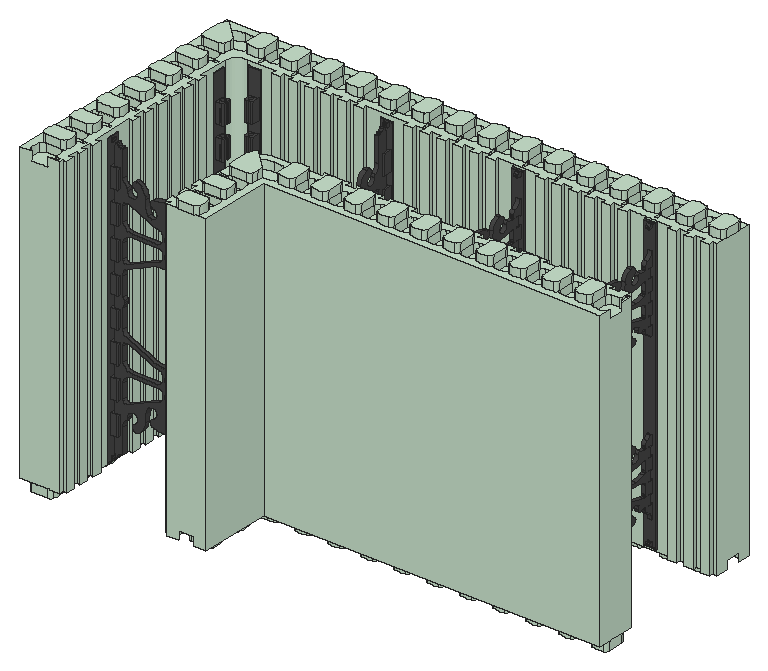
Revit family
Parameters (values of type "152 mm 90 Degree Form Unit")
  URL = "www.nudura.com"
  Overall Form Thickness = 285.8 mm
  Model = "152 mm 90 Degree Form Unit"
  Manufacturer = "NUDURA Corporation"
  Concrete Core Thickness = 152.4 mm
Reference planes
  plane 1 "Center (Front/Back)": y = 0
  plane 2: z = 0
  plane 3 "Center (Left/Right)": x = 0
Forms (mm)
  Extrusion 1, solid, material "EPS- NUDURA- Foam Panel"
    sketch origin (0.053, -0.032, 0) x (1, 0, 0) y (0, 1, 0)
      loop
        line (-142.875, 142.875) -> (-142.875, -254) -> (-82.55, -254) -> (-82.55, -246.858) -> (-76.2, -248.442) -> (-76.2, -234.158) -> (-82.55, -235.742) -> (-82.55, -221.458) -> (-76.2, -223.042) -> (-76.2, -208.758) -> (-82.55, -210.342) -> (-82.55, -196.058) -> (-76.2, -197.642) -> (-76.2, -183.358) -> (-82.55, -184.942) -> (-82.55, -119.858) -> (-76.2, -121.442) -> (-76.2, -107.158) -> (-82.55, -108.742) -> (-82.55, -94.458) -> (-76.2, -96.042) -> (-76.2, -81.758) -> (-82.55, -83.342) -> (-82.55, -69.058) -> (-76.2, -70.642) -> (-76.2, -56.358) -> (-82.55, -57.942) -> (-82.55, -43.658) -> (-76.2, -45.242) -> (-76.2, -30.958) -> (-82.55, -32.542) -> (-82.55, -18.258) -> (-76.2, -19.842) -> (-76.2, -5.558) -> (-82.55, -7.142) -> (-82.55, 7.142) -> (-76.2, 5.558) -> (-76.2, 19.842) -> (-82.55, 18.258) -> (-82.55, 63.994)
        arc (-82.55, 63.994) -> (-76.799, 77.146) -> (-63.5, 82.55) r 19.05
        line (-63.5, 82.55) -> (-18.258, 82.55) -> (-19.842, 76.2) -> (-5.558, 76.2) -> (-7.142, 82.55) -> (7.142, 82.55) -> (5.558, 76.2) -> (19.842, 76.2) -> (18.258, 82.55) -> (32.542, 82.55) -> (30.958, 76.2) -> (45.242, 76.2) -> (43.658, 82.55) -> (57.942, 82.55) -> (56.358, 76.2) -> (70.642, 76.2) -> (69.058, 82.55) -> (83.342, 82.55) -> (81.758, 76.2) -> (96.042, 76.2) -> (94.458, 82.55) -> (108.742, 82.55) -> (107.158, 76.2) -> (121.442, 76.2) -> (119.858, 82.55) -> (184.942, 82.55) -> (183.358, 76.2) -> (197.642, 76.2) -> (196.058, 82.55) -> (210.342, 82.55) -> (208.758, 76.2) -> (223.042, 76.2) -> (221.458, 82.55) -> (235.742, 82.55) -> (234.158, 76.2) -> (248.442, 76.2) -> (246.858, 82.55) -> (261.142, 82.55) -> (259.558, 76.2) -> (273.842, 76.2) -> (272.258, 82.55) -> (286.542, 82.55) -> (284.958, 76.2) -> (299.242, 76.2) -> (297.658, 82.55) -> (311.942, 82.55) -> (310.358, 76.2) -> (324.642, 76.2) -> (323.058, 82.55) -> (388.142, 82.55) -> (386.558, 76.2) -> (400.842, 76.2) -> (399.258, 82.55) -> (413.542, 82.55) -> (411.958, 76.2) -> (426.242, 76.2) -> (424.658, 82.55) -> (438.942, 82.55) -> (437.358, 76.2) -> (451.642, 76.2) -> (450.058, 82.55) -> (464.342, 82.55) -> (462.758, 76.2) -> (477.042, 76.2) -> (475.458, 82.55) -> (489.742, 82.55) -> (488.158, 76.2) -> (502.442, 76.2) -> (500.858, 82.55) -> (515.142, 82.55) -> (513.558, 76.2) -> (527.842, 76.2) -> (526.258, 82.55) -> (591.342, 82.55) -> (589.758, 76.2) -> (604.042, 76.2) -> (602.458, 82.55) -> (616.742, 82.55) -> (615.158, 76.2) -> (629.442, 76.2) -> (627.858, 82.55) -> (642.142, 82.55) -> (640.558, 76.2) -> (654.842, 76.2) -> (653.258, 82.55) -> (660.4, 82.55) -> (660.4, 142.875) -> (-142.875, 142.875)
      loop
        line (142.875, -142.875) -> (660.4, -142.875) -> (660.4, -82.55) -> (653.258, -82.55) -> (654.842, -76.2) -> (640.558, -76.2) -> (642.142, -82.55) -> (627.858, -82.55) -> (629.442, -76.2) -> (615.158, -76.2) -> (616.742, -82.55) -> (602.458, -82.55) -> (604.042, -76.2) -> (589.758, -76.2) -> (591.342, -82.55) -> (526.258, -82.55) -> (527.842, -76.2) -> (513.558, -76.2) -> (515.142, -82.55) -> (500.858, -82.55) -> (502.442, -76.2) -> (488.158, -76.2) -> (489.742, -82.55) -> (475.458, -82.55) -> (477.042, -76.2) -> (462.758, -76.2) -> (464.342, -82.55) -> (450.058, -82.55) -> (451.642, -76.2) -> (437.358, -76.2) -> (438.942, -82.55) -> (424.658, -82.55) -> (426.242, -76.2) -> (411.958, -76.2) -> (413.542, -82.55) -> (399.258, -82.55) -> (400.842, -76.2) -> (386.558, -76.2) -> (388.142, -82.55) -> (323.058, -82.55) -> (324.642, -76.2) -> (310.358, -76.2) -> (311.942, -82.55) -> (297.658, -82.55) -> (299.242, -76.2) -> (284.958, -76.2) -> (286.542, -82.55) -> (272.258, -82.55) -> (273.842, -76.2) -> (259.558, -76.2) -> (261.142, -82.55) -> (246.858, -82.55) -> (248.442, -76.2) -> (234.158, -76.2) -> (235.742, -82.55) -> (221.458, -82.55) -> (223.042, -76.2) -> (208.758, -76.2) -> (210.342, -82.55) -> (196.058, -82.55) -> (197.642, -76.2) -> (183.358, -76.2) -> (184.942, -82.55) -> (114.3, -82.55)
        arc (114.3, -82.55) -> (91.849, -91.849) -> (82.55, -114.3) r 31.75
        line (82.55, -114.3) -> (82.55, -184.942) -> (76.2, -183.358) -> (76.2, -197.642) -> (82.55, -196.058) -> (82.55, -210.342) -> (76.2, -208.758) -> (76.2, -223.042) -> (82.55, -221.458) -> (82.55, -235.742) -> (76.2, -234.158) -> (76.2, -248.442) -> (82.55, -246.858) -> (82.55, -254) -> (142.875, -254) -> (142.875, -142.875)
    from 0 to 457.2
  Extrusion 2, solid, material "EPS- NUDURA- Foam Panel"
    sketch origin (0.053, -0.032, 0) x (1, 0, 0) y (0, 1, 0)
      loop
        arc (93.663, -139.7) -> (93.992, -143.903) -> (94.972, -148.004) r 26.987
        arc (94.972, -148.004) -> (97.278, -151.185) -> (101.014, -152.4) r 6.35
        line (101.014, -152.4) -> (124.411, -152.4)
        arc (124.411, -152.4) -> (128.147, -151.185) -> (130.453, -148.004) r 6.35
        arc (130.453, -148.004) -> (131.433, -143.903) -> (131.763, -139.7) r 26.988
        line (131.763, -139.7) -> (131.763, -131.763) -> (101.102, -101.102)
        arc (101.102, -101.102) -> (95.596, -109.342) -> (93.663, -119.063) r 25.4
        line (93.663, -119.063) -> (93.663, -139.7)
    from 457.2 to 469.9
  Extrusion 3, solid, material "EPS- NUDURA- Foam Panel"
    sketch origin (0.053, -0.032, 0) x (1, 0, 0) y (0, 1, 0)
      loop
        arc (-101.014, 76.2) -> (-97.278, 77.415) -> (-94.972, 80.596) r 6.35
        arc (-94.972, 80.596) -> (-93.992, 84.697) -> (-93.662, 88.9) r 26.987
        line (-93.662, 88.9) -> (-93.662, 93.662) -> (-124.323, 124.323)
        arc (-124.323, 124.323) -> (-129.829, 116.083) -> (-131.762, 106.362) r 25.4
        line (-131.762, 106.362) -> (-131.762, 88.9)
        arc (-131.762, 88.9) -> (-131.433, 84.697) -> (-130.453, 80.596) r 26.988
        arc (-130.453, 80.596) -> (-128.147, 77.415) -> (-124.411, 76.2) r 6.35
        line (-124.411, 76.2) -> (-101.014, 76.2)
    from 457.2 to 469.9
  Extrusion 4, void
    sketch origin (0.053, -0.032, 0) x (1, 0, 0) y (0, 1, 0)
      loop
        arc (-130.453, -249.604) -> (-128.147, -252.785) -> (-124.411, -254) r 6.35
        line (-124.411, -254) -> (-101.014, -254)
        arc (-101.014, -254) -> (-98.696, -253.562) -> (-96.698, -252.308) r 6.35
        arc (-96.698, -252.308) -> (-96.199, -251.995) -> (-95.62, -251.885) r 1.588
        line (-95.62, -251.885) -> (-86.829, -251.885) -> (-86.829, -247.546) -> (-92.457, -247.546)
        arc (-92.457, -247.546) -> (-93.668, -246.986) -> (-94.024, -245.7) r 1.588
        arc (-94.024, -245.7) -> (-93.737, -239.291) -> (-94.972, -232.996) r 26.987
        arc (-94.972, -232.996) -> (-97.278, -229.815) -> (-101.014, -228.6) r 6.35
        line (-101.014, -228.6) -> (-124.411, -228.6)
        arc (-124.411, -228.6) -> (-128.147, -229.815) -> (-130.453, -232.996) r 6.35
        arc (-130.453, -232.996) -> (-131.762, -241.3) -> (-130.453, -249.604) r 26.987
    from 457.2 to 444.5
  Extrusion 5, void
    sketch origin (0.053, 50.768, 0) x (1, 0, 0) y (0, 1, 0)
      loop
        arc (-130.453, -249.604) -> (-128.147, -252.785) -> (-124.411, -254) r 6.35
        line (-124.411, -254) -> (-101.014, -254)
        arc (-101.014, -254) -> (-98.696, -253.562) -> (-96.698, -252.308) r 6.35
        arc (-96.698, -252.308) -> (-96.199, -251.995) -> (-95.62, -251.885) r 1.588
        line (-95.62, -251.885) -> (-86.829, -251.885) -> (-86.829, -247.546) -> (-92.457, -247.546)
        arc (-92.457, -247.546) -> (-93.668, -246.986) -> (-94.024, -245.7) r 1.588
        arc (-94.024, -245.7) -> (-93.737, -239.291) -> (-94.972, -232.996) r 26.987
        arc (-94.972, -232.996) -> (-97.278, -229.815) -> (-101.014, -228.6) r 6.35
        line (-101.014, -228.6) -> (-124.411, -228.6)
        arc (-124.411, -228.6) -> (-128.147, -229.815) -> (-130.453, -232.996) r 6.35
        arc (-130.453, -232.996) -> (-131.762, -241.3) -> (-130.453, -249.604) r 26.987
    from 457.2 to 444.5
  Extrusion 6, void
    sketch origin (0.053, 101.568, 0) x (1, 0, 0) y (0, 1, 0)
      loop
        arc (-130.453, -249.604) -> (-128.147, -252.785) -> (-124.411, -254) r 6.35
        line (-124.411, -254) -> (-101.014, -254)
        arc (-101.014, -254) -> (-98.696, -253.562) -> (-96.698, -252.308) r 6.35
        arc (-96.698, -252.308) -> (-96.199, -251.995) -> (-95.62, -251.885) r 1.588
        line (-95.62, -251.885) -> (-86.829, -251.885) -> (-86.829, -247.546) -> (-92.457, -247.546)
        arc (-92.457, -247.546) -> (-93.668, -246.986) -> (-94.024, -245.7) r 1.588
        arc (-94.024, -245.7) -> (-93.737, -239.291) -> (-94.972, -232.996) r 26.987
        arc (-94.972, -232.996) -> (-97.278, -229.815) -> (-101.014, -228.6) r 6.35
        line (-101.014, -228.6) -> (-124.411, -228.6)
        arc (-124.411, -228.6) -> (-128.147, -229.815) -> (-130.453, -232.996) r 6.35
        arc (-130.453, -232.996) -> (-131.762, -241.3) -> (-130.453, -249.604) r 26.987
    from 457.2 to 444.5
  Extrusion 7, void
    sketch origin (0.053, 152.368, 0) x (1, 0, 0) y (0, 1, 0)
      loop
        arc (-130.453, -249.604) -> (-128.147, -252.785) -> (-124.411, -254) r 6.35
        line (-124.411, -254) -> (-101.014, -254)
        arc (-101.014, -254) -> (-98.696, -253.562) -> (-96.698, -252.308) r 6.35
        arc (-96.698, -252.308) -> (-96.199, -251.995) -> (-95.62, -251.885) r 1.588
        line (-95.62, -251.885) -> (-86.829, -251.885) -> (-86.829, -247.546) -> (-92.457, -247.546)
        arc (-92.457, -247.546) -> (-93.668, -246.986) -> (-94.024, -245.7) r 1.588
        arc (-94.024, -245.7) -> (-93.737, -239.291) -> (-94.972, -232.996) r 26.987
        arc (-94.972, -232.996) -> (-97.278, -229.815) -> (-101.014, -228.6) r 6.35
        line (-101.014, -228.6) -> (-124.411, -228.6)
        arc (-124.411, -228.6) -> (-128.147, -229.815) -> (-130.453, -232.996) r 6.35
        arc (-130.453, -232.996) -> (-131.762, -241.3) -> (-130.453, -249.604) r 26.987
    from 457.2 to 444.5
  Extrusion 8, void
    sketch origin (0.053, 203.168, 0) x (1, 0, 0) y (0, 1, 0)
      loop
        arc (-130.453, -249.604) -> (-128.147, -252.785) -> (-124.411, -254) r 6.35
        line (-124.411, -254) -> (-101.014, -254)
        arc (-101.014, -254) -> (-98.696, -253.562) -> (-96.698, -252.308) r 6.35
        arc (-96.698, -252.308) -> (-96.199, -251.995) -> (-95.62, -251.885) r 1.588
        line (-95.62, -251.885) -> (-86.829, -251.885) -> (-86.829, -247.546) -> (-92.457, -247.546)
        arc (-92.457, -247.546) -> (-93.668, -246.986) -> (-94.024, -245.7) r 1.588
        arc (-94.024, -245.7) -> (-93.737, -239.291) -> (-94.972, -232.996) r 26.987
        arc (-94.972, -232.996) -> (-97.278, -229.815) -> (-101.014, -228.6) r 6.35
        line (-101.014, -228.6) -> (-124.411, -228.6)
        arc (-124.411, -228.6) -> (-128.147, -229.815) -> (-130.453, -232.996) r 6.35
        arc (-130.453, -232.996) -> (-131.762, -241.3) -> (-130.453, -249.604) r 26.987
    from 457.2 to 444.5
  Extrusion 9, void
    sketch origin (0.053, 253.968, 0) x (1, 0, 0) y (0, 1, 0)
      loop
        arc (-130.453, -249.604) -> (-128.147, -252.785) -> (-124.411, -254) r 6.35
        line (-124.411, -254) -> (-101.014, -254)
        arc (-101.014, -254) -> (-98.696, -253.562) -> (-96.698, -252.308) r 6.35
        arc (-96.698, -252.308) -> (-96.199, -251.995) -> (-95.62, -251.885) r 1.588
        line (-95.62, -251.885) -> (-86.829, -251.885) -> (-86.829, -247.546) -> (-92.457, -247.546)
        arc (-92.457, -247.546) -> (-93.668, -246.986) -> (-94.024, -245.7) r 1.588
        arc (-94.024, -245.7) -> (-93.737, -239.291) -> (-94.972, -232.996) r 26.987
        arc (-94.972, -232.996) -> (-97.278, -229.815) -> (-101.014, -228.6) r 6.35
        line (-101.014, -228.6) -> (-124.411, -228.6)
        arc (-124.411, -228.6) -> (-128.147, -229.815) -> (-130.453, -232.996) r 6.35
        arc (-130.453, -232.996) -> (-131.762, -241.3) -> (-130.453, -249.604) r 26.987
    from 457.2 to 444.5
  Extrusion 10, void
    sketch origin (0.053, 304.768, 0) x (1, 0, 0) y (0, 1, 0)
      loop
        arc (-130.453, -249.604) -> (-128.147, -252.785) -> (-124.411, -254) r 6.35
        line (-124.411, -254) -> (-101.014, -254)
        arc (-101.014, -254) -> (-98.696, -253.562) -> (-96.698, -252.308) r 6.35
        arc (-96.698, -252.308) -> (-96.199, -251.995) -> (-95.62, -251.885) r 1.588
        line (-95.62, -251.885) -> (-86.829, -251.885) -> (-86.829, -247.546) -> (-92.457, -247.546)
        arc (-92.457, -247.546) -> (-93.668, -246.986) -> (-94.024, -245.7) r 1.588
        arc (-94.024, -245.7) -> (-93.737, -239.291) -> (-94.972, -232.996) r 26.987
        arc (-94.972, -232.996) -> (-97.278, -229.815) -> (-101.014, -228.6) r 6.35
        line (-101.014, -228.6) -> (-124.411, -228.6)
        arc (-124.411, -228.6) -> (-128.147, -229.815) -> (-130.453, -232.996) r 6.35
        arc (-130.453, -232.996) -> (-131.762, -241.3) -> (-130.453, -249.604) r 26.987
    from 457.2 to 444.5
  Extrusion 11, void
    sketch origin (0.053, -0.032, 0) x (1, 0, 0) y (0, 1, 0)
      loop
        line (101.014, -228.6) -> (124.411, -228.6)
        arc (124.411, -228.6) -> (128.147, -227.385) -> (130.453, -224.204) r 6.35
        arc (130.453, -224.204) -> (131.763, -215.9) -> (130.453, -207.596) r 26.988
        arc (130.453, -207.596) -> (128.147, -204.415) -> (124.411, -203.2) r 6.35
        line (124.411, -203.2) -> (101.014, -203.2)
        arc (101.014, -203.2) -> (98.696, -203.638) -> (96.698, -204.892) r 6.35
        arc (96.698, -204.892) -> (96.199, -205.205) -> (95.62, -205.315) r 1.587
        line (95.62, -205.315) -> (86.829, -205.315) -> (86.829, -209.654) -> (92.457, -209.654)
        arc (92.457, -209.654) -> (93.668, -210.214) -> (94.024, -211.5) r 1.587
        arc (94.024, -211.5) -> (93.737, -217.909) -> (94.972, -224.204) r 26.987
        arc (94.972, -224.204) -> (97.278, -227.385) -> (101.014, -228.6) r 6.35
    from 457.2 to 444.5
  Extrusion 12, void
    sketch origin (0.053, 50.768, 0) x (1, 0, 0) y (0, 1, 0)
      loop
        line (101.014, -228.6) -> (124.411, -228.6)
        arc (124.411, -228.6) -> (128.147, -227.385) -> (130.453, -224.204) r 6.35
        arc (130.453, -224.204) -> (131.763, -215.9) -> (130.453, -207.596) r 26.988
        arc (130.453, -207.596) -> (128.147, -204.415) -> (124.411, -203.2) r 6.35
        line (124.411, -203.2) -> (101.014, -203.2)
        arc (101.014, -203.2) -> (98.696, -203.638) -> (96.698, -204.892) r 6.35
        arc (96.698, -204.892) -> (96.199, -205.205) -> (95.62, -205.315) r 1.587
        line (95.62, -205.315) -> (86.829, -205.315) -> (86.829, -209.654) -> (92.457, -209.654)
        arc (92.457, -209.654) -> (93.668, -210.214) -> (94.024, -211.5) r 1.587
        arc (94.024, -211.5) -> (93.737, -217.909) -> (94.972, -224.204) r 26.987
        arc (94.972, -224.204) -> (97.278, -227.385) -> (101.014, -228.6) r 6.35
    from 457.2 to 444.5
  Extrusion 13, void
    sketch origin (0.053, -0.032, 0) x (1, 0, 0) y (0, 1, 0)
      loop
        arc (-106.362, 131.762) -> (-116.083, 129.829) -> (-124.323, 124.323) r 25.4
        line (-124.323, 124.323) -> (-93.662, 93.662) -> (-88.9, 93.662)
        arc (-88.9, 93.662) -> (-84.697, 93.992) -> (-80.596, 94.972) r 26.988
        arc (-80.596, 94.972) -> (-77.415, 97.278) -> (-76.2, 101.014) r 6.35
        line (-76.2, 101.014) -> (-76.2, 124.411)
        arc (-76.2, 124.411) -> (-77.415, 128.147) -> (-80.596, 130.453) r 6.35
        arc (-80.596, 130.453) -> (-84.697, 131.433) -> (-88.9, 131.762) r 26.988
        line (-88.9, 131.762) -> (-106.362, 131.762)
    from 457.2 to 444.5
  Extrusion 14, void
    sketch origin (0.053, -0.032, 0) x (1, 0, 0) y (0, 1, 0)
      loop
        arc (119.063, -93.663) -> (109.342, -95.596) -> (101.102, -101.102) r 25.4
        line (101.102, -101.102) -> (131.763, -131.763) -> (139.7, -131.763)
        arc (139.7, -131.763) -> (143.903, -131.433) -> (148.004, -130.453) r 26.987
        arc (148.004, -130.453) -> (151.185, -128.147) -> (152.4, -124.411) r 6.35
        line (152.4, -124.411) -> (152.4, -101.014)
        arc (152.4, -101.014) -> (151.962, -98.696) -> (150.708, -96.698) r 6.35
        arc (150.708, -96.698) -> (150.395, -96.199) -> (150.285, -95.62) r 1.588
        line (150.285, -95.62) -> (150.285, -86.829) -> (145.946, -86.829) -> (145.946, -92.457)
        arc (145.946, -92.457) -> (145.386, -93.668) -> (144.1, -94.024) r 1.587
        arc (144.1, -94.024) -> (141.907, -93.753) -> (139.7, -93.663) r 26.987
        line (139.7, -93.663) -> (119.063, -93.663)
    from 457.2 to 444.5
  Extrusion 15, void
    sketch origin (0.053, -0.032, 0) x (1, 0, 0) y (0, 1, 0)
      loop
        line (177.8, -101.014) -> (177.8, -124.411)
        arc (177.8, -124.411) -> (179.015, -128.147) -> (182.196, -130.453) r 6.35
        arc (182.196, -130.453) -> (190.5, -131.763) -> (198.804, -130.453) r 26.987
        arc (198.804, -130.453) -> (201.985, -128.147) -> (203.2, -124.411) r 6.35
        line (203.2, -124.411) -> (203.2, -101.014)
        arc (203.2, -101.014) -> (202.762, -98.696) -> (201.508, -96.698) r 6.35
        arc (201.508, -96.698) -> (201.195, -96.199) -> (201.085, -95.62) r 1.588
        line (201.085, -95.62) -> (201.085, -86.829) -> (196.746, -86.829) -> (196.746, -92.457)
        arc (196.746, -92.457) -> (196.186, -93.668) -> (194.9, -94.024) r 1.587
        arc (194.9, -94.024) -> (188.491, -93.737) -> (182.196, -94.972) r 26.988
        arc (182.196, -94.972) -> (179.015, -97.278) -> (177.8, -101.014) r 6.35
    from 457.2 to 444.5
  Extrusion 16, void
    sketch origin (50.853, -0.032, 0) x (1, 0, 0) y (0, 1, 0)
      loop
        line (177.8, -101.014) -> (177.8, -124.411)
        arc (177.8, -124.411) -> (179.015, -128.147) -> (182.196, -130.453) r 6.35
        arc (182.196, -130.453) -> (190.5, -131.763) -> (198.804, -130.453) r 26.987
        arc (198.804, -130.453) -> (201.985, -128.147) -> (203.2, -124.411) r 6.35
        line (203.2, -124.411) -> (203.2, -101.014)
        arc (203.2, -101.014) -> (202.762, -98.696) -> (201.508, -96.698) r 6.35
        arc (201.508, -96.698) -> (201.195, -96.199) -> (201.085, -95.62) r 1.588
        line (201.085, -95.62) -> (201.085, -86.829) -> (196.746, -86.829) -> (196.746, -92.457)
        arc (196.746, -92.457) -> (196.186, -93.668) -> (194.9, -94.024) r 1.587
        arc (194.9, -94.024) -> (188.491, -93.737) -> (182.196, -94.972) r 26.988
        arc (182.196, -94.972) -> (179.015, -97.278) -> (177.8, -101.014) r 6.35
    from 457.2 to 444.5
  Extrusion 17, void
    sketch origin (101.653, -0.032, 0) x (1, 0, 0) y (0, 1, 0)
      loop
        line (177.8, -101.014) -> (177.8, -124.411)
        arc (177.8, -124.411) -> (179.015, -128.147) -> (182.196, -130.453) r 6.35
        arc (182.196, -130.453) -> (190.5, -131.763) -> (198.804, -130.453) r 26.987
        arc (198.804, -130.453) -> (201.985, -128.147) -> (203.2, -124.411) r 6.35
        line (203.2, -124.411) -> (203.2, -101.014)
        arc (203.2, -101.014) -> (202.762, -98.696) -> (201.508, -96.698) r 6.35
        arc (201.508, -96.698) -> (201.195, -96.199) -> (201.085, -95.62) r 1.588
        line (201.085, -95.62) -> (201.085, -86.829) -> (196.746, -86.829) -> (196.746, -92.457)
        arc (196.746, -92.457) -> (196.186, -93.668) -> (194.9, -94.024) r 1.587
        arc (194.9, -94.024) -> (188.491, -93.737) -> (182.196, -94.972) r 26.988
        arc (182.196, -94.972) -> (179.015, -97.278) -> (177.8, -101.014) r 6.35
    from 457.2 to 444.5
  Extrusion 18, void
    sketch origin (152.453, -0.032, 0) x (1, 0, 0) y (0, 1, 0)
      loop
        line (177.8, -101.014) -> (177.8, -124.411)
        arc (177.8, -124.411) -> (179.015, -128.147) -> (182.196, -130.453) r 6.35
        arc (182.196, -130.453) -> (190.5, -131.763) -> (198.804, -130.453) r 26.987
        arc (198.804, -130.453) -> (201.985, -128.147) -> (203.2, -124.411) r 6.35
        line (203.2, -124.411) -> (203.2, -101.014)
        arc (203.2, -101.014) -> (202.762, -98.696) -> (201.508, -96.698) r 6.35
        arc (201.508, -96.698) -> (201.195, -96.199) -> (201.085, -95.62) r 1.588
        line (201.085, -95.62) -> (201.085, -86.829) -> (196.746, -86.829) -> (196.746, -92.457)
        arc (196.746, -92.457) -> (196.186, -93.668) -> (194.9, -94.024) r 1.587
        arc (194.9, -94.024) -> (188.491, -93.737) -> (182.196, -94.972) r 26.988
        arc (182.196, -94.972) -> (179.015, -97.278) -> (177.8, -101.014) r 6.35
    from 457.2 to 444.5
  Extrusion 19, void
    sketch origin (203.253, -0.032, 0) x (1, 0, 0) y (0, 1, 0)
      loop
        line (177.8, -101.014) -> (177.8, -124.411)
        arc (177.8, -124.411) -> (179.015, -128.147) -> (182.196, -130.453) r 6.35
        arc (182.196, -130.453) -> (190.5, -131.763) -> (198.804, -130.453) r 26.987
        arc (198.804, -130.453) -> (201.985, -128.147) -> (203.2, -124.411) r 6.35
        line (203.2, -124.411) -> (203.2, -101.014)
        arc (203.2, -101.014) -> (202.762, -98.696) -> (201.508, -96.698) r 6.35
        arc (201.508, -96.698) -> (201.195, -96.199) -> (201.085, -95.62) r 1.588
        line (201.085, -95.62) -> (201.085, -86.829) -> (196.746, -86.829) -> (196.746, -92.457)
        arc (196.746, -92.457) -> (196.186, -93.668) -> (194.9, -94.024) r 1.587
        arc (194.9, -94.024) -> (188.491, -93.737) -> (182.196, -94.972) r 26.988
        arc (182.196, -94.972) -> (179.015, -97.278) -> (177.8, -101.014) r 6.35
    from 457.2 to 444.5
  Extrusion 20, void
    sketch origin (254.053, -0.032, 0) x (1, 0, 0) y (0, 1, 0)
      loop
        line (177.8, -101.014) -> (177.8, -124.411)
        arc (177.8, -124.411) -> (179.015, -128.147) -> (182.196, -130.453) r 6.35
        arc (182.196, -130.453) -> (190.5, -131.763) -> (198.804, -130.453) r 26.987
        arc (198.804, -130.453) -> (201.985, -128.147) -> (203.2, -124.411) r 6.35
        line (203.2, -124.411) -> (203.2, -101.014)
        arc (203.2, -101.014) -> (202.762, -98.696) -> (201.508, -96.698) r 6.35
        arc (201.508, -96.698) -> (201.195, -96.199) -> (201.085, -95.62) r 1.588
        line (201.085, -95.62) -> (201.085, -86.829) -> (196.746, -86.829) -> (196.746, -92.457)
        arc (196.746, -92.457) -> (196.186, -93.668) -> (194.9, -94.024) r 1.587
        arc (194.9, -94.024) -> (188.491, -93.737) -> (182.196, -94.972) r 26.988
        arc (182.196, -94.972) -> (179.015, -97.278) -> (177.8, -101.014) r 6.35
    from 457.2 to 444.5
  Extrusion 21, void
    sketch origin (304.853, -0.032, 0) x (1, 0, 0) y (0, 1, 0)
      loop
        line (177.8, -101.014) -> (177.8, -124.411)
        arc (177.8, -124.411) -> (179.015, -128.147) -> (182.196, -130.453) r 6.35
        arc (182.196, -130.453) -> (190.5, -131.763) -> (198.804, -130.453) r 26.987
        arc (198.804, -130.453) -> (201.985, -128.147) -> (203.2, -124.411) r 6.35
        line (203.2, -124.411) -> (203.2, -101.014)
        arc (203.2, -101.014) -> (202.762, -98.696) -> (201.508, -96.698) r 6.35
        arc (201.508, -96.698) -> (201.195, -96.199) -> (201.085, -95.62) r 1.588
        line (201.085, -95.62) -> (201.085, -86.829) -> (196.746, -86.829) -> (196.746, -92.457)
        arc (196.746, -92.457) -> (196.186, -93.668) -> (194.9, -94.024) r 1.587
        arc (194.9, -94.024) -> (188.491, -93.737) -> (182.196, -94.972) r 26.988
        arc (182.196, -94.972) -> (179.015, -97.278) -> (177.8, -101.014) r 6.35
    from 457.2 to 444.5
  Extrusion 22, void
    sketch origin (355.653, -0.032, 0) x (1, 0, 0) y (0, 1, 0)
      loop
        line (177.8, -101.014) -> (177.8, -124.411)
        arc (177.8, -124.411) -> (179.015, -128.147) -> (182.196, -130.453) r 6.35
        arc (182.196, -130.453) -> (190.5, -131.763) -> (198.804, -130.453) r 26.987
        arc (198.804, -130.453) -> (201.985, -128.147) -> (203.2, -124.411) r 6.35
        line (203.2, -124.411) -> (203.2, -101.014)
        arc (203.2, -101.014) -> (202.762, -98.696) -> (201.508, -96.698) r 6.35
        arc (201.508, -96.698) -> (201.195, -96.199) -> (201.085, -95.62) r 1.588
        line (201.085, -95.62) -> (201.085, -86.829) -> (196.746, -86.829) -> (196.746, -92.457)
        arc (196.746, -92.457) -> (196.186, -93.668) -> (194.9, -94.024) r 1.587
        arc (194.9, -94.024) -> (188.491, -93.737) -> (182.196, -94.972) r 26.988
        arc (182.196, -94.972) -> (179.015, -97.278) -> (177.8, -101.014) r 6.35
    from 457.2 to 444.5
  Extrusion 23, void
    sketch origin (406.453, -0.032, 0) x (1, 0, 0) y (0, 1, 0)
      loop
        line (177.8, -101.014) -> (177.8, -124.411)
        arc (177.8, -124.411) -> (179.015, -128.147) -> (182.196, -130.453) r 6.35
        arc (182.196, -130.453) -> (190.5, -131.763) -> (198.804, -130.453) r 26.987
        arc (198.804, -130.453) -> (201.985, -128.147) -> (203.2, -124.411) r 6.35
        line (203.2, -124.411) -> (203.2, -101.014)
        arc (203.2, -101.014) -> (202.762, -98.696) -> (201.508, -96.698) r 6.35
        arc (201.508, -96.698) -> (201.195, -96.199) -> (201.085, -95.62) r 1.588
        line (201.085, -95.62) -> (201.085, -86.829) -> (196.746, -86.829) -> (196.746, -92.457)
        arc (196.746, -92.457) -> (196.186, -93.668) -> (194.9, -94.024) r 1.587
        arc (194.9, -94.024) -> (188.491, -93.737) -> (182.196, -94.972) r 26.988
        arc (182.196, -94.972) -> (179.015, -97.278) -> (177.8, -101.014) r 6.35
    from 457.2 to 444.5
  Extrusion 24, void
    sketch origin (457.253, -0.032, 0) x (1, 0, 0) y (0, 1, 0)
      loop
        line (177.8, -101.014) -> (177.8, -124.411)
        arc (177.8, -124.411) -> (179.015, -128.147) -> (182.196, -130.453) r 6.35
        arc (182.196, -130.453) -> (190.5, -131.763) -> (198.804, -130.453) r 26.987
        arc (198.804, -130.453) -> (201.985, -128.147) -> (203.2, -124.411) r 6.35
        line (203.2, -124.411) -> (203.2, -101.014)
        arc (203.2, -101.014) -> (202.762, -98.696) -> (201.508, -96.698) r 6.35
        arc (201.508, -96.698) -> (201.195, -96.199) -> (201.085, -95.62) r 1.588
        line (201.085, -95.62) -> (201.085, -86.829) -> (196.746, -86.829) -> (196.746, -92.457)
        arc (196.746, -92.457) -> (196.186, -93.668) -> (194.9, -94.024) r 1.587
        arc (194.9, -94.024) -> (188.491, -93.737) -> (182.196, -94.972) r 26.988
        arc (182.196, -94.972) -> (179.015, -97.278) -> (177.8, -101.014) r 6.35
    from 457.2 to 444.5
  Extrusion 25, void
    sketch origin (0.053, -0.032, 0) x (1, 0, 0) y (0, 1, 0)
      loop
        arc (-46.404, 130.453) -> (-49.585, 128.147) -> (-50.8, 124.411) r 6.35
        line (-50.8, 124.411) -> (-50.8, 101.014)
        arc (-50.8, 101.014) -> (-50.362, 98.696) -> (-49.108, 96.698) r 6.35
        arc (-49.108, 96.698) -> (-48.795, 96.199) -> (-48.685, 95.62) r 1.588
        line (-48.685, 95.62) -> (-48.685, 86.829) -> (-44.346, 86.829) -> (-44.346, 92.457)
        arc (-44.346, 92.457) -> (-43.786, 93.668) -> (-42.5, 94.024) r 1.588
        arc (-42.5, 94.024) -> (-36.091, 93.737) -> (-29.796, 94.972) r 26.987
        arc (-29.796, 94.972) -> (-26.615, 97.278) -> (-25.4, 101.014) r 6.35
        line (-25.4, 101.014) -> (-25.4, 124.411)
        arc (-25.4, 124.411) -> (-26.615, 128.147) -> (-29.796, 130.453) r 6.35
        arc (-29.796, 130.453) -> (-38.1, 131.762) -> (-46.404, 130.453) r 26.987
    from 457.2 to 444.5
  Extrusion 26, void
    sketch origin (50.853, -0.032, 0) x (1, 0, 0) y (0, 1, 0)
      loop
        arc (-46.404, 130.453) -> (-49.585, 128.147) -> (-50.8, 124.411) r 6.35
        line (-50.8, 124.411) -> (-50.8, 101.014)
        arc (-50.8, 101.014) -> (-50.362, 98.696) -> (-49.108, 96.698) r 6.35
        arc (-49.108, 96.698) -> (-48.795, 96.199) -> (-48.685, 95.62) r 1.588
        line (-48.685, 95.62) -> (-48.685, 86.829) -> (-44.346, 86.829) -> (-44.346, 92.457)
        arc (-44.346, 92.457) -> (-43.786, 93.668) -> (-42.5, 94.024) r 1.588
        arc (-42.5, 94.024) -> (-36.091, 93.737) -> (-29.796, 94.972) r 26.987
        arc (-29.796, 94.972) -> (-26.615, 97.278) -> (-25.4, 101.014) r 6.35
        line (-25.4, 101.014) -> (-25.4, 124.411)
        arc (-25.4, 124.411) -> (-26.615, 128.147) -> (-29.796, 130.453) r 6.35
        arc (-29.796, 130.453) -> (-38.1, 131.762) -> (-46.404, 130.453) r 26.987
    from 457.2 to 444.5
  Extrusion 27, void
    sketch origin (101.653, -0.032, 0) x (1, 0, 0) y (0, 1, 0)
      loop
        arc (-46.404, 130.453) -> (-49.585, 128.147) -> (-50.8, 124.411) r 6.35
        line (-50.8, 124.411) -> (-50.8, 101.014)
        arc (-50.8, 101.014) -> (-50.362, 98.696) -> (-49.108, 96.698) r 6.35
        arc (-49.108, 96.698) -> (-48.795, 96.199) -> (-48.685, 95.62) r 1.588
        line (-48.685, 95.62) -> (-48.685, 86.829) -> (-44.346, 86.829) -> (-44.346, 92.457)
        arc (-44.346, 92.457) -> (-43.786, 93.668) -> (-42.5, 94.024) r 1.588
        arc (-42.5, 94.024) -> (-36.091, 93.737) -> (-29.796, 94.972) r 26.987
        arc (-29.796, 94.972) -> (-26.615, 97.278) -> (-25.4, 101.014) r 6.35
        line (-25.4, 101.014) -> (-25.4, 124.411)
        arc (-25.4, 124.411) -> (-26.615, 128.147) -> (-29.796, 130.453) r 6.35
        arc (-29.796, 130.453) -> (-38.1, 131.762) -> (-46.404, 130.453) r 26.987
    from 457.2 to 444.5
  Extrusion 28, void
    sketch origin (152.453, -0.032, 0) x (1, 0, 0) y (0, 1, 0)
      loop
        arc (-46.404, 130.453) -> (-49.585, 128.147) -> (-50.8, 124.411) r 6.35
        line (-50.8, 124.411) -> (-50.8, 101.014)
        arc (-50.8, 101.014) -> (-50.362, 98.696) -> (-49.108, 96.698) r 6.35
        arc (-49.108, 96.698) -> (-48.795, 96.199) -> (-48.685, 95.62) r 1.588
        line (-48.685, 95.62) -> (-48.685, 86.829) -> (-44.346, 86.829) -> (-44.346, 92.457)
        arc (-44.346, 92.457) -> (-43.786, 93.668) -> (-42.5, 94.024) r 1.588
        arc (-42.5, 94.024) -> (-36.091, 93.737) -> (-29.796, 94.972) r 26.987
        arc (-29.796, 94.972) -> (-26.615, 97.278) -> (-25.4, 101.014) r 6.35
        line (-25.4, 101.014) -> (-25.4, 124.411)
        arc (-25.4, 124.411) -> (-26.615, 128.147) -> (-29.796, 130.453) r 6.35
        arc (-29.796, 130.453) -> (-38.1, 131.762) -> (-46.404, 130.453) r 26.987
    from 457.2 to 444.5
  Extrusion 29, void
    sketch origin (203.253, -0.032, 0) x (1, 0, 0) y (0, 1, 0)
      loop
        arc (-46.404, 130.453) -> (-49.585, 128.147) -> (-50.8, 124.411) r 6.35
        line (-50.8, 124.411) -> (-50.8, 101.014)
        arc (-50.8, 101.014) -> (-50.362, 98.696) -> (-49.108, 96.698) r 6.35
        arc (-49.108, 96.698) -> (-48.795, 96.199) -> (-48.685, 95.62) r 1.588
        line (-48.685, 95.62) -> (-48.685, 86.829) -> (-44.346, 86.829) -> (-44.346, 92.457)
        arc (-44.346, 92.457) -> (-43.786, 93.668) -> (-42.5, 94.024) r 1.588
        arc (-42.5, 94.024) -> (-36.091, 93.737) -> (-29.796, 94.972) r 26.987
        arc (-29.796, 94.972) -> (-26.615, 97.278) -> (-25.4, 101.014) r 6.35
        line (-25.4, 101.014) -> (-25.4, 124.411)
        arc (-25.4, 124.411) -> (-26.615, 128.147) -> (-29.796, 130.453) r 6.35
        arc (-29.796, 130.453) -> (-38.1, 131.762) -> (-46.404, 130.453) r 26.987
    from 457.2 to 444.5
  Extrusion 30, void
    sketch origin (254.053, -0.032, 0) x (1, 0, 0) y (0, 1, 0)
      loop
        arc (-46.404, 130.453) -> (-49.585, 128.147) -> (-50.8, 124.411) r 6.35
        line (-50.8, 124.411) -> (-50.8, 101.014)
        arc (-50.8, 101.014) -> (-50.362, 98.696) -> (-49.108, 96.698) r 6.35
        arc (-49.108, 96.698) -> (-48.795, 96.199) -> (-48.685, 95.62) r 1.588
        line (-48.685, 95.62) -> (-48.685, 86.829) -> (-44.346, 86.829) -> (-44.346, 92.457)
        arc (-44.346, 92.457) -> (-43.786, 93.668) -> (-42.5, 94.024) r 1.588
        arc (-42.5, 94.024) -> (-36.091, 93.737) -> (-29.796, 94.972) r 26.987
        arc (-29.796, 94.972) -> (-26.615, 97.278) -> (-25.4, 101.014) r 6.35
        line (-25.4, 101.014) -> (-25.4, 124.411)
        arc (-25.4, 124.411) -> (-26.615, 128.147) -> (-29.796, 130.453) r 6.35
        arc (-29.796, 130.453) -> (-38.1, 131.762) -> (-46.404, 130.453) r 26.987
    from 457.2 to 444.5
  Extrusion 31, void
    sketch origin (304.853, -0.032, 0) x (1, 0, 0) y (0, 1, 0)
      loop
        arc (-46.404, 130.453) -> (-49.585, 128.147) -> (-50.8, 124.411) r 6.35
        line (-50.8, 124.411) -> (-50.8, 101.014)
        arc (-50.8, 101.014) -> (-50.362, 98.696) -> (-49.108, 96.698) r 6.35
        arc (-49.108, 96.698) -> (-48.795, 96.199) -> (-48.685, 95.62) r 1.588
        line (-48.685, 95.62) -> (-48.685, 86.829) -> (-44.346, 86.829) -> (-44.346, 92.457)
        arc (-44.346, 92.457) -> (-43.786, 93.668) -> (-42.5, 94.024) r 1.588
        arc (-42.5, 94.024) -> (-36.091, 93.737) -> (-29.796, 94.972) r 26.987
        arc (-29.796, 94.972) -> (-26.615, 97.278) -> (-25.4, 101.014) r 6.35
        line (-25.4, 101.014) -> (-25.4, 124.411)
        arc (-25.4, 124.411) -> (-26.615, 128.147) -> (-29.796, 130.453) r 6.35
        arc (-29.796, 130.453) -> (-38.1, 131.762) -> (-46.404, 130.453) r 26.987
    from 457.2 to 444.5
  Extrusion 32, void
    sketch origin (355.653, -0.032, 0) x (1, 0, 0) y (0, 1, 0)
      loop
        arc (-46.404, 130.453) -> (-49.585, 128.147) -> (-50.8, 124.411) r 6.35
        line (-50.8, 124.411) -> (-50.8, 101.014)
        arc (-50.8, 101.014) -> (-50.362, 98.696) -> (-49.108, 96.698) r 6.35
        arc (-49.108, 96.698) -> (-48.795, 96.199) -> (-48.685, 95.62) r 1.588
        line (-48.685, 95.62) -> (-48.685, 86.829) -> (-44.346, 86.829) -> (-44.346, 92.457)
        arc (-44.346, 92.457) -> (-43.786, 93.668) -> (-42.5, 94.024) r 1.588
        arc (-42.5, 94.024) -> (-36.091, 93.737) -> (-29.796, 94.972) r 26.987
        arc (-29.796, 94.972) -> (-26.615, 97.278) -> (-25.4, 101.014) r 6.35
        line (-25.4, 101.014) -> (-25.4, 124.411)
        arc (-25.4, 124.411) -> (-26.615, 128.147) -> (-29.796, 130.453) r 6.35
        arc (-29.796, 130.453) -> (-38.1, 131.762) -> (-46.404, 130.453) r 26.987
    from 457.2 to 444.5
  Extrusion 33, void
    sketch origin (406.453, -0.032, 0) x (1, 0, 0) y (0, 1, 0)
      loop
        arc (-46.404, 130.453) -> (-49.585, 128.147) -> (-50.8, 124.411) r 6.35
        line (-50.8, 124.411) -> (-50.8, 101.014)
        arc (-50.8, 101.014) -> (-50.362, 98.696) -> (-49.108, 96.698) r 6.35
        arc (-49.108, 96.698) -> (-48.795, 96.199) -> (-48.685, 95.62) r 1.588
        line (-48.685, 95.62) -> (-48.685, 86.829) -> (-44.346, 86.829) -> (-44.346, 92.457)
        arc (-44.346, 92.457) -> (-43.786, 93.668) -> (-42.5, 94.024) r 1.588
        arc (-42.5, 94.024) -> (-36.091, 93.737) -> (-29.796, 94.972) r 26.987
        arc (-29.796, 94.972) -> (-26.615, 97.278) -> (-25.4, 101.014) r 6.35
        line (-25.4, 101.014) -> (-25.4, 124.411)
        arc (-25.4, 124.411) -> (-26.615, 128.147) -> (-29.796, 130.453) r 6.35
        arc (-29.796, 130.453) -> (-38.1, 131.762) -> (-46.404, 130.453) r 26.987
    from 457.2 to 444.5
  Extrusion 34, void
    sketch origin (457.253, -0.032, 0) x (1, 0, 0) y (0, 1, 0)
      loop
        arc (-46.404, 130.453) -> (-49.585, 128.147) -> (-50.8, 124.411) r 6.35
        line (-50.8, 124.411) -> (-50.8, 101.014)
        arc (-50.8, 101.014) -> (-50.362, 98.696) -> (-49.108, 96.698) r 6.35
        arc (-49.108, 96.698) -> (-48.795, 96.199) -> (-48.685, 95.62) r 1.588
        line (-48.685, 95.62) -> (-48.685, 86.829) -> (-44.346, 86.829) -> (-44.346, 92.457)
        arc (-44.346, 92.457) -> (-43.786, 93.668) -> (-42.5, 94.024) r 1.588
        arc (-42.5, 94.024) -> (-36.091, 93.737) -> (-29.796, 94.972) r 26.987
        arc (-29.796, 94.972) -> (-26.615, 97.278) -> (-25.4, 101.014) r 6.35
        line (-25.4, 101.014) -> (-25.4, 124.411)
        arc (-25.4, 124.411) -> (-26.615, 128.147) -> (-29.796, 130.453) r 6.35
        arc (-29.796, 130.453) -> (-38.1, 131.762) -> (-46.404, 130.453) r 26.987
    from 457.2 to 444.5
  Extrusion 35, void
    sketch origin (508.053, -0.032, 0) x (1, 0, 0) y (0, 1, 0)
      loop
        arc (-46.404, 130.453) -> (-49.585, 128.147) -> (-50.8, 124.411) r 6.35
        line (-50.8, 124.411) -> (-50.8, 101.014)
        arc (-50.8, 101.014) -> (-50.362, 98.696) -> (-49.108, 96.698) r 6.35
        arc (-49.108, 96.698) -> (-48.795, 96.199) -> (-48.685, 95.62) r 1.588
        line (-48.685, 95.62) -> (-48.685, 86.829) -> (-44.346, 86.829) -> (-44.346, 92.457)
        arc (-44.346, 92.457) -> (-43.786, 93.668) -> (-42.5, 94.024) r 1.588
        arc (-42.5, 94.024) -> (-36.091, 93.737) -> (-29.796, 94.972) r 26.987
        arc (-29.796, 94.972) -> (-26.615, 97.278) -> (-25.4, 101.014) r 6.35
        line (-25.4, 101.014) -> (-25.4, 124.411)
        arc (-25.4, 124.411) -> (-26.615, 128.147) -> (-29.796, 130.453) r 6.35
        arc (-29.796, 130.453) -> (-38.1, 131.762) -> (-46.404, 130.453) r 26.987
    from 457.2 to 444.5
  Extrusion 36, void
    sketch origin (558.853, -0.032, 0) x (1, 0, 0) y (0, 1, 0)
      loop
        arc (-46.404, 130.453) -> (-49.585, 128.147) -> (-50.8, 124.411) r 6.35
        line (-50.8, 124.411) -> (-50.8, 101.014)
        arc (-50.8, 101.014) -> (-50.362, 98.696) -> (-49.108, 96.698) r 6.35
        arc (-49.108, 96.698) -> (-48.795, 96.199) -> (-48.685, 95.62) r 1.588
        line (-48.685, 95.62) -> (-48.685, 86.829) -> (-44.346, 86.829) -> (-44.346, 92.457)
        arc (-44.346, 92.457) -> (-43.786, 93.668) -> (-42.5, 94.024) r 1.588
        arc (-42.5, 94.024) -> (-36.091, 93.737) -> (-29.796, 94.972) r 26.987
        arc (-29.796, 94.972) -> (-26.615, 97.278) -> (-25.4, 101.014) r 6.35
        line (-25.4, 101.014) -> (-25.4, 124.411)
        arc (-25.4, 124.411) -> (-26.615, 128.147) -> (-29.796, 130.453) r 6.35
        arc (-29.796, 130.453) -> (-38.1, 131.762) -> (-46.404, 130.453) r 26.987
    from 457.2 to 444.5
  Extrusion 37, void
    sketch origin (609.653, -0.032, 0) x (1, 0, 0) y (0, 1, 0)
      loop
        arc (-46.404, 130.453) -> (-49.585, 128.147) -> (-50.8, 124.411) r 6.35
        line (-50.8, 124.411) -> (-50.8, 101.014)
        arc (-50.8, 101.014) -> (-50.362, 98.696) -> (-49.108, 96.698) r 6.35
        arc (-49.108, 96.698) -> (-48.795, 96.199) -> (-48.685, 95.62) r 1.588
        line (-48.685, 95.62) -> (-48.685, 86.829) -> (-44.346, 86.829) -> (-44.346, 92.457)
        arc (-44.346, 92.457) -> (-43.786, 93.668) -> (-42.5, 94.024) r 1.588
        arc (-42.5, 94.024) -> (-36.091, 93.737) -> (-29.796, 94.972) r 26.987
        arc (-29.796, 94.972) -> (-26.615, 97.278) -> (-25.4, 101.014) r 6.35
        line (-25.4, 101.014) -> (-25.4, 124.411)
        arc (-25.4, 124.411) -> (-26.615, 128.147) -> (-29.796, 130.453) r 6.35
        arc (-29.796, 130.453) -> (-38.1, 131.762) -> (-46.404, 130.453) r 26.987
    from 457.2 to 444.5
  Extrusion 38, void
    sketch origin (660.453, -0.032, 0) x (1, 0, 0) y (0, 1, 0)
      loop
        arc (-46.404, 130.453) -> (-49.585, 128.147) -> (-50.8, 124.411) r 6.35
        line (-50.8, 124.411) -> (-50.8, 101.014)
        arc (-50.8, 101.014) -> (-50.362, 98.696) -> (-49.108, 96.698) r 6.35
        arc (-49.108, 96.698) -> (-48.795, 96.199) -> (-48.685, 95.62) r 1.588
        line (-48.685, 95.62) -> (-48.685, 86.829) -> (-44.346, 86.829) -> (-44.346, 92.457)
        arc (-44.346, 92.457) -> (-43.786, 93.668) -> (-42.5, 94.024) r 1.588
        arc (-42.5, 94.024) -> (-36.091, 93.737) -> (-29.796, 94.972) r 26.987
        arc (-29.796, 94.972) -> (-26.615, 97.278) -> (-25.4, 101.014) r 6.35
        line (-25.4, 101.014) -> (-25.4, 124.411)
        arc (-25.4, 124.411) -> (-26.615, 128.147) -> (-29.796, 130.453) r 6.35
        arc (-29.796, 130.453) -> (-38.1, 131.762) -> (-46.404, 130.453) r 26.987
    from 457.2 to 444.5
  Extrusion 39, void
    sketch origin (0.053, 86.529, 0) x (1, 0, 0) y (0, 1, 0)
      loop
        arc (-130.453, -294.157) -> (-131.762, -302.461) -> (-130.453, -310.765) r 26.987
        arc (-130.453, -310.765) -> (-128.147, -313.946) -> (-124.411, -315.161) r 6.35
        line (-124.411, -315.161) -> (-101.014, -315.161)
        arc (-101.014, -315.161) -> (-97.278, -313.946) -> (-94.972, -310.765) r 6.35
        arc (-94.972, -310.765) -> (-93.737, -304.47) -> (-94.024, -298.061) r 26.987
        arc (-94.024, -298.061) -> (-93.668, -296.775) -> (-92.457, -296.215) r 1.588
        line (-92.457, -296.215) -> (-86.829, -296.215) -> (-86.829, -291.875) -> (-95.62, -291.875)
        arc (-95.62, -291.875) -> (-96.199, -291.766) -> (-96.698, -291.453) r 1.588
        arc (-96.698, -291.453) -> (-98.696, -290.199) -> (-101.014, -289.761) r 6.35
        line (-101.014, -289.761) -> (-124.411, -289.761)
        arc (-124.411, -289.761) -> (-128.147, -290.976) -> (-130.453, -294.157) r 6.35
    from 0 to 12.7
  Extrusion 40, void
    sketch origin (0.053, 137.329, 0) x (1, 0, 0) y (0, 1, 0)
      loop
        arc (-130.453, -294.157) -> (-131.762, -302.461) -> (-130.453, -310.765) r 26.987
        arc (-130.453, -310.765) -> (-128.147, -313.946) -> (-124.411, -315.161) r 6.35
        line (-124.411, -315.161) -> (-101.014, -315.161)
        arc (-101.014, -315.161) -> (-97.278, -313.946) -> (-94.972, -310.765) r 6.35
        arc (-94.972, -310.765) -> (-93.737, -304.47) -> (-94.024, -298.061) r 26.987
        arc (-94.024, -298.061) -> (-93.668, -296.775) -> (-92.457, -296.215) r 1.588
        line (-92.457, -296.215) -> (-86.829, -296.215) -> (-86.829, -291.875) -> (-95.62, -291.875)
        arc (-95.62, -291.875) -> (-96.199, -291.766) -> (-96.698, -291.453) r 1.588
        arc (-96.698, -291.453) -> (-98.696, -290.199) -> (-101.014, -289.761) r 6.35
        line (-101.014, -289.761) -> (-124.411, -289.761)
        arc (-124.411, -289.761) -> (-128.147, -290.976) -> (-130.453, -294.157) r 6.35
    from 0 to 12.7
  Extrusion 41, void
    sketch origin (0.053, 188.129, 0) x (1, 0, 0) y (0, 1, 0)
      loop
        arc (-130.453, -294.157) -> (-131.762, -302.461) -> (-130.453, -310.765) r 26.987
        arc (-130.453, -310.765) -> (-128.147, -313.946) -> (-124.411, -315.161) r 6.35
        line (-124.411, -315.161) -> (-101.014, -315.161)
        arc (-101.014, -315.161) -> (-97.278, -313.946) -> (-94.972, -310.765) r 6.35
        arc (-94.972, -310.765) -> (-93.737, -304.47) -> (-94.024, -298.061) r 26.987
        arc (-94.024, -298.061) -> (-93.668, -296.775) -> (-92.457, -296.215) r 1.588
        line (-92.457, -296.215) -> (-86.829, -296.215) -> (-86.829, -291.875) -> (-95.62, -291.875)
        arc (-95.62, -291.875) -> (-96.199, -291.766) -> (-96.698, -291.453) r 1.588
        arc (-96.698, -291.453) -> (-98.696, -290.199) -> (-101.014, -289.761) r 6.35
        line (-101.014, -289.761) -> (-124.411, -289.761)
        arc (-124.411, -289.761) -> (-128.147, -290.976) -> (-130.453, -294.157) r 6.35
    from 0 to 12.7
  Extrusion 42, void
    sketch origin (0.053, 238.929, 0) x (1, 0, 0) y (0, 1, 0)
      loop
        arc (-130.453, -294.157) -> (-131.762, -302.461) -> (-130.453, -310.765) r 26.987
        arc (-130.453, -310.765) -> (-128.147, -313.946) -> (-124.411, -315.161) r 6.35
        line (-124.411, -315.161) -> (-101.014, -315.161)
        arc (-101.014, -315.161) -> (-97.278, -313.946) -> (-94.972, -310.765) r 6.35
        arc (-94.972, -310.765) -> (-93.737, -304.47) -> (-94.024, -298.061) r 26.987
        arc (-94.024, -298.061) -> (-93.668, -296.775) -> (-92.457, -296.215) r 1.588
        line (-92.457, -296.215) -> (-86.829, -296.215) -> (-86.829, -291.875) -> (-95.62, -291.875)
        arc (-95.62, -291.875) -> (-96.199, -291.766) -> (-96.698, -291.453) r 1.588
        arc (-96.698, -291.453) -> (-98.696, -290.199) -> (-101.014, -289.761) r 6.35
        line (-101.014, -289.761) -> (-124.411, -289.761)
        arc (-124.411, -289.761) -> (-128.147, -290.976) -> (-130.453, -294.157) r 6.35
    from 0 to 12.7
  Extrusion 43, void
    sketch origin (0.053, 289.729, 0) x (1, 0, 0) y (0, 1, 0)
      loop
        arc (-130.453, -294.157) -> (-131.762, -302.461) -> (-130.453, -310.765) r 26.987
        arc (-130.453, -310.765) -> (-128.147, -313.946) -> (-124.411, -315.161) r 6.35
        line (-124.411, -315.161) -> (-101.014, -315.161)
        arc (-101.014, -315.161) -> (-97.278, -313.946) -> (-94.972, -310.765) r 6.35
        arc (-94.972, -310.765) -> (-93.737, -304.47) -> (-94.024, -298.061) r 26.987
        arc (-94.024, -298.061) -> (-93.668, -296.775) -> (-92.457, -296.215) r 1.588
        line (-92.457, -296.215) -> (-86.829, -296.215) -> (-86.829, -291.875) -> (-95.62, -291.875)
        arc (-95.62, -291.875) -> (-96.199, -291.766) -> (-96.698, -291.453) r 1.588
        arc (-96.698, -291.453) -> (-98.696, -290.199) -> (-101.014, -289.761) r 6.35
        line (-101.014, -289.761) -> (-124.411, -289.761)
        arc (-124.411, -289.761) -> (-128.147, -290.976) -> (-130.453, -294.157) r 6.35
    from 0 to 12.7
  Extrusion 44, void
    sketch origin (0.053, 340.529, 0) x (1, 0, 0) y (0, 1, 0)
      loop
        arc (-130.453, -294.157) -> (-131.762, -302.461) -> (-130.453, -310.765) r 26.987
        arc (-130.453, -310.765) -> (-128.147, -313.946) -> (-124.411, -315.161) r 6.35
        line (-124.411, -315.161) -> (-101.014, -315.161)
        arc (-101.014, -315.161) -> (-97.278, -313.946) -> (-94.972, -310.765) r 6.35
        arc (-94.972, -310.765) -> (-93.737, -304.47) -> (-94.024, -298.061) r 26.987
        arc (-94.024, -298.061) -> (-93.668, -296.775) -> (-92.457, -296.215) r 1.588
        line (-92.457, -296.215) -> (-86.829, -296.215) -> (-86.829, -291.875) -> (-95.62, -291.875)
        arc (-95.62, -291.875) -> (-96.199, -291.766) -> (-96.698, -291.453) r 1.588
        arc (-96.698, -291.453) -> (-98.696, -290.199) -> (-101.014, -289.761) r 6.35
        line (-101.014, -289.761) -> (-124.411, -289.761)
        arc (-124.411, -289.761) -> (-128.147, -290.976) -> (-130.453, -294.157) r 6.35
    from 0 to 12.7
  Extrusion 45, void
    sketch origin (-101.547, -0.032, 0) x (-1, 0, 0) y (0, -1, 0)
      loop
        arc (-46.404, -130.453) -> (-38.1, -131.762) -> (-29.796, -130.453) r 26.987
        arc (-29.796, -130.453) -> (-26.615, -128.147) -> (-25.4, -124.411) r 6.35
        line (-25.4, -124.411) -> (-25.4, -101.014)
        arc (-25.4, -101.014) -> (-26.615, -97.278) -> (-29.796, -94.972) r 6.35
        arc (-29.796, -94.972) -> (-36.091, -93.737) -> (-42.5, -94.024) r 26.987
        arc (-42.5, -94.024) -> (-43.786, -93.668) -> (-44.346, -92.457) r 1.588
        line (-44.346, -92.457) -> (-44.346, -86.829) -> (-48.685, -86.829) -> (-48.685, -95.62)
        arc (-48.685, -95.62) -> (-48.795, -96.199) -> (-49.108, -96.698) r 1.588
        arc (-49.108, -96.698) -> (-50.362, -98.696) -> (-50.8, -101.014) r 6.35
        line (-50.8, -101.014) -> (-50.8, -124.411)
        arc (-50.8, -124.411) -> (-49.585, -128.147) -> (-46.404, -130.453) r 6.35
    from 0 to 12.7
  Extrusion 46, void
    sketch origin (-50.747, -0.032, 0) x (-1, 0, 0) y (0, -1, 0)
      loop
        arc (-46.404, -130.453) -> (-38.1, -131.762) -> (-29.796, -130.453) r 26.987
        arc (-29.796, -130.453) -> (-26.615, -128.147) -> (-25.4, -124.411) r 6.35
        line (-25.4, -124.411) -> (-25.4, -101.014)
        arc (-25.4, -101.014) -> (-26.615, -97.278) -> (-29.796, -94.972) r 6.35
        arc (-29.796, -94.972) -> (-36.091, -93.737) -> (-42.5, -94.024) r 26.987
        arc (-42.5, -94.024) -> (-43.786, -93.668) -> (-44.346, -92.457) r 1.588
        line (-44.346, -92.457) -> (-44.346, -86.829) -> (-48.685, -86.829) -> (-48.685, -95.62)
        arc (-48.685, -95.62) -> (-48.795, -96.199) -> (-49.108, -96.698) r 1.588
        arc (-49.108, -96.698) -> (-50.362, -98.696) -> (-50.8, -101.014) r 6.35
        line (-50.8, -101.014) -> (-50.8, -124.411)
        arc (-50.8, -124.411) -> (-49.585, -128.147) -> (-46.404, -130.453) r 6.35
    from 0 to 12.7
  Extrusion 47, void
    sketch origin (0.053, -0.032, 0) x (-1, 0, 0) y (0, -1, 0)
      loop
        arc (-46.404, -130.453) -> (-38.1, -131.762) -> (-29.796, -130.453) r 26.987
        arc (-29.796, -130.453) -> (-26.615, -128.147) -> (-25.4, -124.411) r 6.35
        line (-25.4, -124.411) -> (-25.4, -101.014)
        arc (-25.4, -101.014) -> (-26.615, -97.278) -> (-29.796, -94.972) r 6.35
        arc (-29.796, -94.972) -> (-36.091, -93.737) -> (-42.5, -94.024) r 26.987
        arc (-42.5, -94.024) -> (-43.786, -93.668) -> (-44.346, -92.457) r 1.588
        line (-44.346, -92.457) -> (-44.346, -86.829) -> (-48.685, -86.829) -> (-48.685, -95.62)
        arc (-48.685, -95.62) -> (-48.795, -96.199) -> (-49.108, -96.698) r 1.588
        arc (-49.108, -96.698) -> (-50.362, -98.696) -> (-50.8, -101.014) r 6.35
        line (-50.8, -101.014) -> (-50.8, -124.411)
        arc (-50.8, -124.411) -> (-49.585, -128.147) -> (-46.404, -130.453) r 6.35
    from 0 to 12.7
  Extrusion 48, void
    sketch origin (50.853, -0.032, 0) x (-1, 0, 0) y (0, -1, 0)
      loop
        arc (-46.404, -130.453) -> (-38.1, -131.762) -> (-29.796, -130.453) r 26.987
        arc (-29.796, -130.453) -> (-26.615, -128.147) -> (-25.4, -124.411) r 6.35
        line (-25.4, -124.411) -> (-25.4, -101.014)
        arc (-25.4, -101.014) -> (-26.615, -97.278) -> (-29.796, -94.972) r 6.35
        arc (-29.796, -94.972) -> (-36.091, -93.737) -> (-42.5, -94.024) r 26.987
        arc (-42.5, -94.024) -> (-43.786, -93.668) -> (-44.346, -92.457) r 1.588
        line (-44.346, -92.457) -> (-44.346, -86.829) -> (-48.685, -86.829) -> (-48.685, -95.62)
        arc (-48.685, -95.62) -> (-48.795, -96.199) -> (-49.108, -96.698) r 1.588
        arc (-49.108, -96.698) -> (-50.362, -98.696) -> (-50.8, -101.014) r 6.35
        line (-50.8, -101.014) -> (-50.8, -124.411)
        arc (-50.8, -124.411) -> (-49.585, -128.147) -> (-46.404, -130.453) r 6.35
    from 0 to 12.7
  Extrusion 49, void
    sketch origin (101.653, -0.032, 0) x (-1, 0, 0) y (0, -1, 0)
      loop
        arc (-46.404, -130.453) -> (-38.1, -131.762) -> (-29.796, -130.453) r 26.987
        arc (-29.796, -130.453) -> (-26.615, -128.147) -> (-25.4, -124.411) r 6.35
        line (-25.4, -124.411) -> (-25.4, -101.014)
        arc (-25.4, -101.014) -> (-26.615, -97.278) -> (-29.796, -94.972) r 6.35
        arc (-29.796, -94.972) -> (-36.091, -93.737) -> (-42.5, -94.024) r 26.987
        arc (-42.5, -94.024) -> (-43.786, -93.668) -> (-44.346, -92.457) r 1.588
        line (-44.346, -92.457) -> (-44.346, -86.829) -> (-48.685, -86.829) -> (-48.685, -95.62)
        arc (-48.685, -95.62) -> (-48.795, -96.199) -> (-49.108, -96.698) r 1.588
        arc (-49.108, -96.698) -> (-50.362, -98.696) -> (-50.8, -101.014) r 6.35
        line (-50.8, -101.014) -> (-50.8, -124.411)
        arc (-50.8, -124.411) -> (-49.585, -128.147) -> (-46.404, -130.453) r 6.35
    from 0 to 12.7
  Extrusion 50, void
    sketch origin (152.453, -0.032, 0) x (-1, 0, 0) y (0, -1, 0)
      loop
        arc (-46.404, -130.453) -> (-38.1, -131.762) -> (-29.796, -130.453) r 26.987
        arc (-29.796, -130.453) -> (-26.615, -128.147) -> (-25.4, -124.411) r 6.35
        line (-25.4, -124.411) -> (-25.4, -101.014)
        arc (-25.4, -101.014) -> (-26.615, -97.278) -> (-29.796, -94.972) r 6.35
        arc (-29.796, -94.972) -> (-36.091, -93.737) -> (-42.5, -94.024) r 26.987
        arc (-42.5, -94.024) -> (-43.786, -93.668) -> (-44.346, -92.457) r 1.588
        line (-44.346, -92.457) -> (-44.346, -86.829) -> (-48.685, -86.829) -> (-48.685, -95.62)
        arc (-48.685, -95.62) -> (-48.795, -96.199) -> (-49.108, -96.698) r 1.588
        arc (-49.108, -96.698) -> (-50.362, -98.696) -> (-50.8, -101.014) r 6.35
        line (-50.8, -101.014) -> (-50.8, -124.411)
        arc (-50.8, -124.411) -> (-49.585, -128.147) -> (-46.404, -130.453) r 6.35
    from 0 to 12.7
  Extrusion 51, void
    sketch origin (203.253, -0.032, 0) x (-1, 0, 0) y (0, -1, 0)
      loop
        arc (-46.404, -130.453) -> (-38.1, -131.762) -> (-29.796, -130.453) r 26.987
        arc (-29.796, -130.453) -> (-26.615, -128.147) -> (-25.4, -124.411) r 6.35
        line (-25.4, -124.411) -> (-25.4, -101.014)
        arc (-25.4, -101.014) -> (-26.615, -97.278) -> (-29.796, -94.972) r 6.35
        arc (-29.796, -94.972) -> (-36.091, -93.737) -> (-42.5, -94.024) r 26.987
        arc (-42.5, -94.024) -> (-43.786, -93.668) -> (-44.346, -92.457) r 1.588
        line (-44.346, -92.457) -> (-44.346, -86.829) -> (-48.685, -86.829) -> (-48.685, -95.62)
        arc (-48.685, -95.62) -> (-48.795, -96.199) -> (-49.108, -96.698) r 1.588
        arc (-49.108, -96.698) -> (-50.362, -98.696) -> (-50.8, -101.014) r 6.35
        line (-50.8, -101.014) -> (-50.8, -124.411)
        arc (-50.8, -124.411) -> (-49.585, -128.147) -> (-46.404, -130.453) r 6.35
    from 0 to 12.7
  Extrusion 52, void
    sketch origin (254.053, -0.032, 0) x (-1, 0, 0) y (0, -1, 0)
      loop
        arc (-46.404, -130.453) -> (-38.1, -131.762) -> (-29.796, -130.453) r 26.987
        arc (-29.796, -130.453) -> (-26.615, -128.147) -> (-25.4, -124.411) r 6.35
        line (-25.4, -124.411) -> (-25.4, -101.014)
        arc (-25.4, -101.014) -> (-26.615, -97.278) -> (-29.796, -94.972) r 6.35
        arc (-29.796, -94.972) -> (-36.091, -93.737) -> (-42.5, -94.024) r 26.987
        arc (-42.5, -94.024) -> (-43.786, -93.668) -> (-44.346, -92.457) r 1.588
        line (-44.346, -92.457) -> (-44.346, -86.829) -> (-48.685, -86.829) -> (-48.685, -95.62)
        arc (-48.685, -95.62) -> (-48.795, -96.199) -> (-49.108, -96.698) r 1.588
        arc (-49.108, -96.698) -> (-50.362, -98.696) -> (-50.8, -101.014) r 6.35
        line (-50.8, -101.014) -> (-50.8, -124.411)
        arc (-50.8, -124.411) -> (-49.585, -128.147) -> (-46.404, -130.453) r 6.35
    from 0 to 12.7
  Extrusion 53, void
    sketch origin (304.853, -0.032, 0) x (-1, 0, 0) y (0, -1, 0)
      loop
        arc (-46.404, -130.453) -> (-38.1, -131.762) -> (-29.796, -130.453) r 26.987
        arc (-29.796, -130.453) -> (-26.615, -128.147) -> (-25.4, -124.411) r 6.35
        line (-25.4, -124.411) -> (-25.4, -101.014)
        arc (-25.4, -101.014) -> (-26.615, -97.278) -> (-29.796, -94.972) r 6.35
        arc (-29.796, -94.972) -> (-36.091, -93.737) -> (-42.5, -94.024) r 26.987
        arc (-42.5, -94.024) -> (-43.786, -93.668) -> (-44.346, -92.457) r 1.588
        line (-44.346, -92.457) -> (-44.346, -86.829) -> (-48.685, -86.829) -> (-48.685, -95.62)
        arc (-48.685, -95.62) -> (-48.795, -96.199) -> (-49.108, -96.698) r 1.588
        arc (-49.108, -96.698) -> (-50.362, -98.696) -> (-50.8, -101.014) r 6.35
        line (-50.8, -101.014) -> (-50.8, -124.411)
        arc (-50.8, -124.411) -> (-49.585, -128.147) -> (-46.404, -130.453) r 6.35
    from 0 to 12.7
  Extrusion 54, void
    sketch origin (355.653, -0.032, 0) x (-1, 0, 0) y (0, -1, 0)
      loop
        arc (-46.404, -130.453) -> (-38.1, -131.762) -> (-29.796, -130.453) r 26.987
        arc (-29.796, -130.453) -> (-26.615, -128.147) -> (-25.4, -124.411) r 6.35
        line (-25.4, -124.411) -> (-25.4, -101.014)
        arc (-25.4, -101.014) -> (-26.615, -97.278) -> (-29.796, -94.972) r 6.35
        arc (-29.796, -94.972) -> (-36.091, -93.737) -> (-42.5, -94.024) r 26.987
